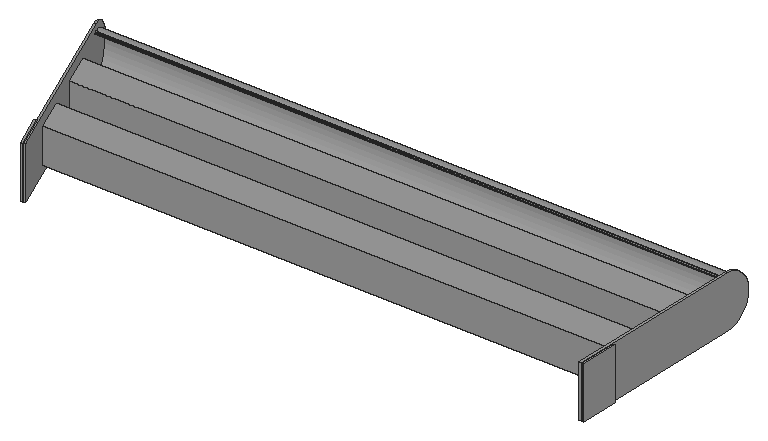
Revit family "SE-0004-SQU-2-0", category Curtain Panels, Revit 2015
Parameters (values of type "Right 112.5 - Left 90")
  Width [instance] = 5' - 4 1/2"
  Warning 2' = Label : Label
  Sun-Control Material = Aluminum
  Angle = SE-0004-SQU-2-0 : Right 112.5 - Left 90
  Analytic Construction = "<None>"
Types (25): name | Angle
  Right 90 - Left 112.5 | SE-0004-SQU-2-0 : Right 90 - Left 112.5
  Right 90 - Left 135 | SE-0004-SQU-2-0 : Right 90 - Left 135
  Right 112.5 - Left 90 | SE-0004-SQU-2-0 : Right 112.5 - Left 90
  Right 112.5 - Left 112.5 | SE-0004-SQU-2-0 : Right 112.5 - Left 112.5
  Right 112.5 - Left 135 | SE-0004-SQU-2-0 : Right 112.5 - Left 135
  Right 135 - Left 90 | SE-0004-SQU-2-0 : Right 135 - Left 90
  Right 135 - Left 112.5 | SE-0004-SQU-2-0 : Right 135 - Left 112.5
  Right 135 - Left 135 | SE-0004-SQU-2-0 : Right 135 - Left 135
  Right 45 - Left 45 | SE-0004-SQU-2-0 : Right 45 - Left 45
  Right 45 - Left 67.5 | SE-0004-SQU-2-0 : Right 45 - Left 67.5
  Right 45 - Left 90 | SE-0004-SQU-2-0 : Right 45 - Left 90
  Right 67.5 - Left 45 | SE-0004-SQU-2-0 : Right 67.5 - Left 45
  Right 67.5 - Left 67.5 | SE-0004-SQU-2-0 : Right 67.5 - Left 67.5
  Right 67.5 - Left 90 | SE-0004-SQU-2-0 : Right 67.5 - Left 90
  Right 90 - Left 45 | SE-0004-SQU-2-0 : Right 90 - Left 45
  Right 90 - Left 67.5 | SE-0004-SQU-2-0 : Right 90 - Left 67.5
  Right 45 - Left 112.5 | SE-0004-SQU-2-0 : Right 45 - Left 112.5
  Right 45 - Left 135 | SE-0004-SQU-2-0 : Right 45 - Left 135
  Right 67.5 - Left 112.5 | SE-0004-SQU-2-0 : Right 67.5 - Left 112.5
  Right 67.5 - Left 135 | SE-0004-SQU-2-0 : Right 67.5 - Left 135
  Right 112.5 - Left 45 | SE-0004-SQU-2-0 : Right 112.5 - Left 45
  Right 112.5 - Left 67.5 | SE-0004-SQU-2-0 : Right 112.5 - Left 67.5
  Right 135 - Left 45 | SE-0004-SQU-2-0 : Right 135 - Left 45
  Right 135 - Left 67.5 | SE-0004-SQU-2-0 : Right 135 - Left 67.5
  Right 90 - Left 90 | SE-0004-SQU-2-0 : Right 90 - Left 90
Reference planes (in)
  plane 1 "Front": y = 0
  plane 2: z = 0
  plane 3 "Center (Left/Right)": x = 0
  plane 4 "Left": x = -32.25
  plane 5 "Right": x = 32.25
  plane 6 "Top": z = 96
Text (in)
  text "Exterior" at (-54.29358, 31.38743, 0), in view "Ref. Level"
  text "Exterior" at (480, 41.53993, 89.60405), in view "Right"
  text "Exterior" at (-240, 57.82419, 105.78864), in view "Left"
Dimensions and locks (in)
  equal spacing: plane 4 "Left", plane 3 "Center (Left/Right)", plane 5 "Right"
  "Width": plane 4 "Left" to plane 5 "Right"
  aligned and locked: level to plane 2
  aligned and locked: plane 3 "Center (Left/Right)" to nested 1
  aligned and locked: plane 1 "Front" to nested 1
  aligned and locked: nested 1 to plane 6 "Top"
Nested families (in)
  nested 1: "SE-0004-SQU-2-0" at (18, 0, 93), Width <- "Width", type <- "Angle", Sun-Control Material <- "Sun-Control Material", type "Right 112.5 - Left 90"
    with Width 5' - 4 1/2", Sun-Control Material Aluminum, Minimum Width 5' - 4 1/2"
Definition of nested family "SE-0004-SQU-2-0"
  Parameters (values of type "Right 67.5 - Left 67.5")
    Left Short Depth = Left Depth - 0' 2 31/32"  # 1' - 11 15/256"
    Left Angle = 67.50°
    Minimum Width [instance] = if(and(Right Angle = 45.00°, Left Angle = 90.00°, Width < 2' 1"), 2' 1", if(and(Right Angle = 90.00°, Left Angle = 45.00°, Width < 2' 1"), 2' 1", if(and(Left Angle = 45.00°, Right Angle = 112.50°, Width < 1' 4"), 1' 4", if(and(Left Angle = 112.50°, Right Angle = 45.00°, Width < 1' 4"), 1' 4", if(and(Right Angle = 45.00°, Left Angle = 45.00°, Width < 4' 2"), 4' 2", if(and(Right Angle = 90.00°, Left Angle = 67.50°, Width < 0' 11"), 0' 11", if(and(Right Angle = 67.50°, Left Angle = 90.00°, Width < 0' 11"), 0' 11", if(and(Right Angle = 67.50°, Left Angle = 67.50°, Width < 1' 9"), 1' 9", if(and(Right Angle = 45.00°, Left Angle = 67.50°, Width < 2' 11"), 2' 11", if(and(Right Angle = 67.50°, Left Angle = 45.00°, Width < 2' 11"), 2' 11", Width))))))))))  # 3' - 0"
    Width [instance] = 3' - 0"
    Sun-Control Material [instance] = none
    Right Short Depth = Right Depth - 0' 2 31/32"  # 1' - 11 15/256"
    Right Depth = 2' - 2 7/256"
    Left Depth = 2' - 2 7/256"
    Right Angle = 67.50°
    Default Elevation = 4' - 0"
  Types (26): name | Left Short Depth | Left Angle | Minimum Width | Width | Right Short Depth | Right Depth | Left Depth | Right Angle
    (no name) | 1' - 11 15/256" | 67.50° | 3' - 0" | 3' - 0" | 1' - 11 15/256" | 2' - 2 7/256" | 2' - 2 7/256" | 67.50°
    Right 67.5 - Left 67.5 | 1' - 11 15/256" | 67.50° | 3' - 0" | 3' - 0" | 1' - 11 15/256" | 2' - 2 7/256" | 2' - 2 7/256" | 67.50°
    Right 112.5 - Left 112.5 | 1' - 10 109/128" | 112.50° | 5' - 0" | 5' - 0" | 1' - 10 109/128" | 2' - 1 105/128" | 2' - 1 105/128" | 112.50°
    Right 45 - Left 45 | 2' - 7 25/256" | 45.00° | 4' - 2" | 3' - 3" | 2' - 7 25/256" | 2' - 10 17/256" | 2' - 10 17/256" | 45.00°
    Right 135 - Left 135 | 2' - 6 153/256" | 135.00° | 6' - 0" | 6' - 0" | 2' - 6 153/256" | 2' - 9 145/256" | 2' - 9 145/256" | 135.00°
    Right 90 - Left 90 | 1' - 9 1/32" | 90.00° | 6' - 0" | 6' - 0" | 1' - 9 1/32" | 2' - 0" | 2' - 0" | 90.00°
    Right 112.5 - Left 45 | 2' - 7 25/256" | 45.00° | 1' - 4" | 1' - 0" | 1' - 10 109/128" | 2' - 1 105/128" | 2' - 10 17/256" | 112.50°
    Right 112.5 - Left 67.5 | 1' - 11 15/256" | 67.50° | 6' - 0" | 6' - 0" | 1' - 10 109/128" | 2' - 1 105/128" | 2' - 2 7/256" | 112.50°
    Right 112.5 - Left 90 | 1' - 9 1/32" | 90.00° | 6' - 0" | 6' - 0" | 1' - 10 109/128" | 2' - 1 105/128" | 2' - 0" | 112.50°
    Right 112.5 - Left 135 | 2' - 6 153/256" | 135.00° | 6' - 0" | 6' - 0" | 1' - 10 109/128" | 2' - 1 105/128" | 2' - 9 145/256" | 112.50°
    Right 135 - Left 45 | 2' - 7 25/256" | 45.00° | 6' - 0" | 6' - 0" | 2' - 6 153/256" | 2' - 9 145/256" | 2' - 10 17/256" | 135.00°
    Right 135 - Left 67.5 | 1' - 11 15/256" | 67.50° | 6' - 0" | 6' - 0" | 2' - 6 153/256" | 2' - 9 145/256" | 2' - 2 7/256" | 135.00°
    Right 135 - Left 90 | 1' - 9 1/32" | 90.00° | 6' - 0" | 6' - 0" | 2' - 6 153/256" | 2' - 9 145/256" | 2' - 0" | 135.00°
    Right 135 - Left 112.5 | 1' - 10 109/128" | 112.50° | 6' - 0" | 6' - 0" | 2' - 6 153/256" | 2' - 9 145/256" | 2' - 1 105/128" | 135.00°
    Right 90 - Left 45 | 2' - 7 25/256" | 45.00° | 2' - 1" | 1' - 0" | 1' - 9 1/32" | 2' - 0" | 2' - 10 17/256" | 90.00°
    Right 90 - Left 67.5 | 1' - 11 15/256" | 67.50° | 0' - 11" | 0' - 5" | 1' - 9 1/32" | 2' - 0" | 2' - 2 7/256" | 90.00°
    Right 90 - Left 112.5 | 1' - 10 109/128" | 112.50° | 6' - 0" | 6' - 0" | 1' - 9 1/32" | 2' - 0" | 2' - 1 105/128" | 90.00°
    Right 90 - Left 135 | 2' - 6 153/256" | 135.00° | 6' - 0" | 6' - 0" | 1' - 9 1/32" | 2' - 0" | 2' - 9 145/256" | 90.00°
    Right 67.5 - Left 45 | 2' - 7 25/256" | 45.00° | 2' - 11" | 1' - 0" | 1' - 11 15/256" | 2' - 2 7/256" | 2' - 10 17/256" | 67.50°
    Right 67.5 - Left 90 | 1' - 9 1/32" | 90.00° | 0' - 11" | 0' - 5" | 1' - 11 15/256" | 2' - 2 7/256" | 2' - 0" | 67.50°
    Right 67.5 - Left 112.5 | 1' - 10 109/128" | 112.50° | 6' - 0" | 6' - 0" | 1' - 11 15/256" | 2' - 2 7/256" | 2' - 1 105/128" | 67.50°
    Right 67.5 - Left 135 | 2' - 6 153/256" | 135.00° | 6' - 0" | 6' - 0" | 1' - 11 15/256" | 2' - 2 7/256" | 2' - 9 145/256" | 67.50°
    Right 45 - Left 67.5 | 1' - 11 15/256" | 67.50° | 2' - 11" | 1' - 0" | 2' - 7 25/256" | 2' - 10 17/256" | 2' - 2 7/256" | 45.00°
    Right 45 - Left 90 | 1' - 9 1/32" | 90.00° | 2' - 1" | 1' - 0" | 2' - 7 25/256" | 2' - 10 17/256" | 2' - 0" | 45.00°
    Right 45 - Left 112.5 | 1' - 10 109/128" | 112.50° | 3' - 3" | 3' - 3" | 2' - 7 25/256" | 2' - 10 17/256" | 2' - 1 105/128" | 45.00°
    Right 45 - Left 135 | 2' - 6 153/256" | 135.00° | 3' - 3" | 3' - 3" | 2' - 7 25/256" | 2' - 10 17/256" | 2' - 9 145/256" | 45.00°
  Reference planes (in)
    plane 1 "Center (Front/Back)": y = 0
    plane 2: z = 0
    plane 3: y = 21
    plane 4: y = 24
    plane 5: y = 15
    plane 6: y = 7
    plane 7: z = 2.5
    plane 8: z = -2.5
    plane 9: y = 23.5
    plane 10 "a": x = 0
    plane 11: x = -36
    plane 12: x = -18
    plane 13: z = 3
  Forms (in)
    Sweep 1, solid, material <- "Sun-Control Material"
      path origin (0, 0, 0) x (1, 0, 0) y (0, 1, 0)
        loop
          line (-29.30152, 21) -> (-6.69848, 21)
      profile origin (-18, 21, 0) x (0, 1, 0) y (0, 0, 1)
        loop
          arc (-0.13264, 2.49648) -> (2.5, 0) -> (-0.13264, -2.49648) r 2.5
          arc (-0.13264, -2.49648) -> (-0.15349, -2.48685) -> (-0.162, -2.46552) r 0.031
          line (-0.162, -2.46552) -> (-0.162, -2.312)
          arc (-0.162, -2.312) -> (0.02999, -2.1528) -> (0.15089, -2.37095) r 0.162
          arc (0.15089, -2.37095) -> (0.15485, -2.40066) -> (0.1821, -2.41314) r 0.031
          arc (0.1821, -2.41314) -> (2.42, 0) -> (0.1821, 2.41314) r 2.42
          arc (0.1821, 2.41314) -> (0.15485, 2.40066) -> (0.15089, 2.37095) r 0.031
          arc (0.15089, 2.37095) -> (0.02999, 2.1528) -> (-0.162, 2.312) r 0.162
          line (-0.162, 2.312) -> (-0.162, 2.46552)
          arc (-0.162, 2.46552) -> (-0.15349, 2.48685) -> (-0.13264, 2.49648) r 0.031
    Sweep 2, solid, material <- "Sun-Control Material"
      path origin (0, 0, 0) x (1, 0, 0) y (0, 1, 0)
        loop
          line (-31.7868, 15) -> (-4.2132, 15)
      profile origin (-18, 15, 0) x (0, 1, 0) y (0, 0, 1)
        loop
          line (2, 2) -> (-2, 2) -> (-2, -2) -> (2, -2) -> (2, 2)
    Sweep 3, solid, material <- "Sun-Control Material"
      path origin (0, 0, 0) x (1, 0, 0) y (0, 1, 0)
        loop
          line (-35.10051, 7) -> (-0.89949, 7)
      profile origin (-18, 7, 0) x (0, 1, 0) y (0, 0, 1)
        loop
          line (2, 2) -> (-2, 2) -> (-2, -2) -> (2, -2) -> (2, 2)
    Extrusion 4, void
      sketch origin (-36, 0, 0) x (-0.382683, -0.92388, 0) y (0, 0, 1)
        loop
          line (0.24272, 3.30555) -> (-38.84738, 3.30555) -> (-38.84738, -4.19445) -> (0.24272, -4.19445) -> (0.24272, 3.30555)
      from -0.375 to 33.46672
    Extrusion 5, void
      sketch origin (-13.87227, 33.49063, 0) x (-0.382683, 0.92388, 0) y (0, 0, 1)
        loop
          line (-41.33831, 3.30555) -> (-41.33831, -4.19445) -> (9.0901, -4.19445) -> (9.0901, 3.30555) -> (-41.33831, 3.30555)
      from -0.375 to 33.46672
  Cuts and joins
    Extrusion 4, Extrusion 5 cuts Sweep 3
    Extrusion 4, Extrusion 5 cuts Sweep 2
    Extrusion 4, Extrusion 5 cuts Sweep 1
  Lines and regions (in)
    reference lines
      curve 1: line (-36, 0, 0) -> (-21.07535, 36.0313, 0)
      curve 2: line (-23.45803, 35.10742, 0) -> (-38, 0, 0)
      curve 3: line (-13.87227, 33.49063, 0) -> (0, 0, 0)
      curve 4: line (-11.7766, 33.25966, 0) -> (2, 0, 0)
      curve 5: line (-8.69848, 21, 0) -> (-8.69848, 23.09533, 0)
      curve 6: line (-6.2132, 15, 0) -> (-6.2132, 17.09533, 0)
      curve 7: line (-2.89949, 7, 0) -> (-2.89949, 9.09533, 0)
      curve 8: line (-33.10051, 7, 0) -> (-33.10051, 9.09533, 0)
      curve 9: line (-29.7868, 15, 0) -> (-29.7868, 17.09533, 0)
      curve 10: line (-27.30152, 21, 0) -> (-27.30152, 23.09533, 0)
  Dimensions and locks (in)
    locked: plane 4 to plane 3 at 3
    locked: plane 3 to plane 5 at 6
    equal spacing: plane 7, plane 2, plane 8
    plane 4 to plane 1 "Center (Front/Back)" = 2' - 0"
    "Minimum Width": plane 11 to plane 10 "a"
    locked: nested 1 to plane 1 "Center (Front/Back)" at 0
    locked: nested 1 to plane 11 at 0
    locked: curve 1 to plane 11
    locked: plane 1 "Center (Front/Back)" to curve 1 at 0
    locked: curve 2 to plane 11 at 2
    locked: plane 1 "Center (Front/Back)" to curve 2 at 0
    locked: nested 2 to plane 1 "Center (Front/Back)" at 0
    locked: nested 2 to plane 10 "a" at 0
    locked: plane 1 "Center (Front/Back)" to curve 3 at 0
    locked: plane 1 "Center (Front/Back)" to curve 4
    locked: plane 10 "a" to curve 4 at 2
    locked: curve 3 to plane 10 "a"
    equal spacing: plane 11, plane 12, plane 10 "a"
    plane 4 to plane 3 to plane 5 to plane 6 = 0' - 3", 0' - 6", 0' - 8"
    "Right Angle": angle plane 1 "Center (Front/Back)" to nested 1
    "Right Angle": angle plane 1 "Center (Front/Back)" to curve 1
    "Right Angle": angle plane 1 "Center (Front/Back)" to curve 2
    "Left Angle": angle curve 4 to plane 1 "Center (Front/Back)"
    "Left Angle": angle nested 2 to plane 1 "Center (Front/Back)"
    "Left Angle": angle curve 3 to plane 1 "Center (Front/Back)"
    aligned and locked: level to plane 2
    aligned and locked: Sweep 2 sketch curve to plane 5
    aligned and locked: Sweep 3 sketch curve to plane 6
    aligned and locked: curve 2 to Sweep 3 sketch curve
    aligned and locked: curve 2 to Sweep 2 sketch curve
    aligned and locked: curve 4 to Sweep 2 sketch curve
    aligned and locked: curve 4 to Sweep 3 sketch curve
    aligned and locked: nested 3 to curve 10
    aligned and locked: nested 3 to curve 5
    aligned and locked: nested 4 to curve 9
    aligned and locked: nested 4 to curve 6
    aligned and locked: nested 5 to curve 8
    aligned and locked: nested 5 to curve 7
    aligned and locked: plane 2 to nested 5
    aligned and locked: plane 2 to nested 4
    aligned and locked: plane 2 to nested 3
    aligned and locked: nested 3 to plane 3
    aligned and locked: nested 4 to plane 5
    aligned and locked: nested 5 to plane 6
    aligned and locked: Sweep 1 sketch curve to plane 3
    aligned and locked: curve 2 to Sweep 1 sketch curve
    aligned and locked: curve 4 to Sweep 1 sketch curve
  Automatic sketch dimensions
    Sweep 1 sketch curve to Sweep 1 sketch curve = 0' - 0"  (x7)
    Sweep 1 sketch curve to level = 0' - 0"
    profile plane to Sweep 1 sketch curve = 0' - 0.162"  (x2)
    Sweep 1 sketch curve to Sweep 1 sketch curve = 0' - 0.031"  (x2)
    Sweep 1 sketch curve to Sweep 1 sketch curve = 0' - 0.162"  (x2)
    Sweep 1 sketch curve to Sweep 1 sketch curve = 0' - 0.17977"  (x2)
    Sweep 1 sketch curve to level = 0' - 2.312"
    Sweep 1 sketch curve to Sweep 1 sketch curve = 0' - 0.07023"  (x2)
    Sweep 1 sketch curve to Sweep 1 sketch curve = 0' - 0.15352"  (x2)
    Sweep 1 sketch curve to Sweep 1 sketch curve = 0' - 2.312"
    curve 1 to Extrusion 4 sketch curve = 0' - 0.15262"
    curve 1 to Extrusion 4 sketch curve = 0' - 0.24272"
    Extrusion 4 sketch curve to curve 1 = 0' - 4.19445"
    curve 1 to Extrusion 4 sketch curve = 0' - 3.30555"
    Extrusion 5 sketch curve to curve 3 = 0' - 5.08831"
    Extrusion 5 sketch curve to curve 3 = 0' - 4.19445"
    curve 3 to Extrusion 5 sketch curve = 0' - 9.0901"
    curve 3 to Extrusion 5 sketch curve = 0' - 3.30555"
    profile plane to Sweep 2 sketch curve = 0' - 2"
    Sweep 2 sketch curve to profile plane = 0' - 2"
    Sweep 2 sketch curve to level = 0' - 2"
    level to Sweep 2 sketch curve = 0' - 2"
    profile plane to Sweep 3 sketch curve = 0' - 2"
    Sweep 3 sketch curve to profile plane = 0' - 2"
    Sweep 3 sketch curve to level = 0' - 2"
    level to Sweep 3 sketch curve = 0' - 2"
    curve 8 to plane 6 = 0' - 0"
    curve 9 to plane 5 = 0' - 0"
    curve 10 to plane 3 = 0' - 0"
    curve 5 to plane 3 = 0' - 0"
    curve 6 to plane 5 = 0' - 0"
    curve 7 to plane 6 = 0' - 0"
    curve 7 to curve 7 = 0' - 2.09533"
    plane 6 to curve 8 = 0' - 2.09533"
    curve 6 to curve 6 = 0' - 2.09533"
    plane 5 to curve 9 = 0' - 2.09533"
    curve 5 to plane 9 = 0' - 0.40467"
    curve 10 to plane 9 = 0' - 0.40467"
  Nested families (in)
    nested 1: "Plate_right" at (-36, 0, 0) x (0.9239, -0.3827, 0) z (0, 0, 1), Length <- "Right Short Depth", type "Plate_right"
      with Length 1' - 11 15/256"
    nested 2: "Plate_left" at (0, 0, 0) x (-0.9239, -0.3827, 0) z (0, 0, 1), Length <- "Left Short Depth", type "Plate_left"
      with Length 1' - 11 15/256"
    nested 3: "SS-106-3D" at (-27.30152, 21, 0), type "SS-106-3D", detail levels fine
      with Lenght 1' - 6.60303"
    nested 4: "SS-102-3D" at (-29.7868, 15, 0), type "SS-102-3D", detail levels fine
      with Lenght 1' - 11.57359"
    nested 5: "SS-102-3D" at (-33.10051, 7, 0), type "SS-102-3D", detail levels fine
      with Lenght 2' - 6.20101"
  Definition of nested family "Plate_right"
    Parameters (values of type "Plate_left")
      Sun-Control Material = none
      Length [instance] = 2' - 0"
    Reference planes (in)
      plane 1 "Center (Front/Back)": y = 0
      plane 2: z = 0
      plane 3 "Center (Left/Right)": x = 0
    Forms (in)
      Sweep 1, solid, material <- "Sun-Control Material"
        path origin (24.49846, 19.13417, 0) x (-1, 0, 0) y (0, 1, 0)
          loop
            line (24.37346, -19.13417) -> (24.62346, -19.13417)
        profile origin (0, 0, 0) x (0, -1, 0) y (0, 0, 1)
          loop
            line (0, 3) -> (-4.5, 3) -> (-4.5, -3) -> (0, -3) -> (0, 0) -> (0, 3)
      Sweep 2, solid, material <- "Sun-Control Material"
        path origin (13.88949, 16.0727, 0) x (0.92388, -0.382683, 0) y (0.382683, 0.92388, 0)
          loop
            line (-6.33501, -20.02102) -> (-6.56598, -20.11669)
        profile origin (0.25, 0, 0) x (0, -1, 0) y (0, 0, 1)
          loop
            line (0, -3) -> (0, 3) -> (-24, 3)
            arc (-24, 3) -> (-26.09922, 2.13047) -> (-26.96875, 0.03125) r 2.96875
            line (-26.96875, 0.03125) -> (-26.96875, 0) -> (-26.96875, -0.03125)
            arc (-26.96875, -0.03125) -> (-26.09922, -2.13047) -> (-24, -3) r 2.96875
            line (-24, -3) -> (0, -3)
    Lines and regions (in)
      model lines, not visible
        curve 1: line (0, 0, 0) -> (0, 1.75, 0)
    Dimensions and locks (in)
      locked: Sweep 2 to Sweep 2 at 0.25
      "Length": Sweep 2 sketch curve to plane 1 "Center (Front/Back)"
      aligned and locked: plane 2 to level
      aligned and locked: Sweep 2 to Sweep 1
    Automatic sketch dimensions
      plane 1 "Center (Front/Back)" to Sweep 1 sketch curve = 0' - 0"
      Sweep 1 sketch curve to plane 3 "Center (Left/Right)" = 0' - 0 1/8"
      plane 3 "Center (Left/Right)" to Sweep 1 sketch curve = 0' - 0 1/8"
      Sweep 1 sketch curve to profile plane = 0' - 0"  (x2)
      profile plane to Sweep 1 sketch curve = 0' - 4 1/2"
      Sweep 1 sketch curve to profile plane = 0' - 3"
      profile plane to Sweep 1 sketch curve = 0' - 3"
      plane 1 "Center (Front/Back)" to Sweep 2 sketch curve = 0' - 0"  (x2)
      plane 3 "Center (Left/Right)" to Sweep 2 sketch curve = 0' - 0 1/8"
      Sweep 2 sketch curve to Sweep 2 sketch curve = 0' - 0.23097"
      curve 1 to plane 3 "Center (Left/Right)" = 0' - 0"
      plane 1 "Center (Front/Back)" to curve 1 = 0' - 0"
      curve 1 to curve 1 = 0' - 1 3/4"
      Sweep 2 sketch curve to profile plane = 0' - 0"  (x2)
      Sweep 2 sketch curve to Sweep 2 sketch curve = 0' - 2 31/32"
      Sweep 2 sketch curve to profile plane = 0' - 0 1/32"
      Sweep 2 sketch curve to Sweep 2 sketch curve = 0' - 0"
      profile plane to Sweep 2 sketch curve = 0' - 0 1/32"
  Definition of nested family "Plate_left"
    Parameters (values of type "Plate_right")
      Sun-Control Material = none
      Length [instance] = 2' - 2 31/32"
    Reference planes (in)
      plane 1 "Center (Front/Back)": y = 0
      plane 2: z = 0
      plane 3 "Center (Left/Right)": x = 0
    Forms (in)
      Sweep 1, solid, material <- "Sun-Control Material"
        path origin (24.49846, 19.13417, 0) x (-1, 0, 0) y (0, 1, 0)
          loop
            line (24.37346, -19.13417) -> (24.62346, -19.13417)
        profile origin (0, 0, 0) x (0, -1, 0) y (0, 0, 1)
          loop
            line (0, 3) -> (-4.5, 3) -> (-4.5, -3) -> (0, -3) -> (0, 0) -> (0, 3)
      Sweep 2, solid, material <- "Sun-Control Material"
        path origin (13.88949, 16.0727, 0) x (0.92388, -0.382683, 0) y (0.382683, 0.92388, 0)
          loop
            line (-6.33501, -20.02102) -> (-6.56598, -20.11669)
        profile origin (0.25, 0, 0) x (0, -1, 0) y (0, 0, 1)
          loop
            line (0, -3) -> (0, 3) -> (-26.96875, 3)
            arc (-26.96875, 3) -> (-29.06797, 2.13047) -> (-29.9375, 0.03125) r 2.96875
            line (-29.9375, 0.03125) -> (-29.9375, 0) -> (-29.9375, -0.03125)
            arc (-29.9375, -0.03125) -> (-29.06797, -2.13047) -> (-26.96875, -3) r 2.96875
            line (-26.96875, -3) -> (0, -3)
    Lines and regions (in)
      model lines, not visible
        curve 1: line (0, 0, 0) -> (0, 3, 0)
    Dimensions and locks (in)
      locked: Sweep 2 to Sweep 2 at 0.25
      "Length": Sweep 2 sketch curve to plane 1 "Center (Front/Back)"
      aligned and locked: plane 2 to level
      aligned and locked: Sweep 2 to Sweep 1
    Automatic sketch dimensions
      curve 1 to plane 3 "Center (Left/Right)" = 0' - 0"
      plane 1 "Center (Front/Back)" to curve 1 = 0' - 0"
      curve 1 to curve 1 = 0' - 3"
      plane 1 "Center (Front/Back)" to Sweep 1 sketch curve = 0' - 0"
      Sweep 1 sketch curve to plane 3 "Center (Left/Right)" = 0' - 0 1/8"
      plane 3 "Center (Left/Right)" to Sweep 1 sketch curve = 0' - 0 1/8"
      Sweep 1 sketch curve to profile plane = 0' - 0"  (x2)
      profile plane to Sweep 1 sketch curve = 0' - 4 1/2"
      Sweep 1 sketch curve to profile plane = 0' - 3"
      profile plane to Sweep 1 sketch curve = 0' - 3"
      plane 1 "Center (Front/Back)" to Sweep 2 sketch curve = 0' - 0"  (x2)
      plane 3 "Center (Left/Right)" to Sweep 2 sketch curve = 0' - 0 1/8"
      Sweep 2 sketch curve to Sweep 2 sketch curve = 0' - 0.23097"
      Sweep 2 sketch curve to profile plane = 0' - 0"  (x2)
      Sweep 2 sketch curve to Sweep 2 sketch curve = 0' - 2 31/32"
      Sweep 2 sketch curve to profile plane = 0' - 0 1/32"
      Sweep 2 sketch curve to Sweep 2 sketch curve = 0' - 0"
      profile plane to Sweep 2 sketch curve = 0' - 0 1/32"
  Definition of nested family "SS-106-3D"
    Parameters (values of type "SS-106-3D")
      Lenght [instance] = 1' - 6"
    Reference planes (in)
      plane 1 "Center (Front/Back)": y = 0
      plane 2: z = 0
      plane 3 "Center (Left/Right)": x = 0
      plane 4: x = 18
    Lines and regions (in)
      model lines, not visible
        curve 1: line (0, 0, 0) -> (18, 0, 0)
    Dimensions and locks (in)
      "Lenght": plane 3 "Center (Left/Right)" to plane 4
      aligned and locked: plane 2 to level
      aligned and locked: plane 3 "Center (Left/Right)" to curve 1
      aligned and locked: plane 1 "Center (Front/Back)" to curve 1
      aligned and locked: plane 4 to curve 1
      aligned and locked: plane 1 "Center (Front/Back)" to nested 1
      aligned and locked: plane 2 to nested 1
    Nested families (in)
      nested 1: "SS-106_Shade_Element-2D" at (0, 0, 0) x (0, -1, 0) z (1, 0, 0), type "SS-106_Shade_Element-2D", detail levels fine
    Definition of nested family "SS-106_Shade_Element-2D"
      Reference planes (in)
        plane 1 "Center (Front/Back)": y = 0
        plane 2: z = 0
        plane 3 "Center (Left/Right)": x = 0
  Definition of nested family "SS-102-3D"
    Parameters (values of type "SS-102-3D")
      Lenght [instance] = 1' - 6"
    Reference planes (in)
      plane 1 "Center (Front/Back)": y = 0
      plane 2: z = 0
      plane 3 "Center (Left/Right)": x = 0
      plane 4: x = 18
    Lines and regions (in)
      model lines, not visible
        curve 1: line (0, 0, 0) -> (18, 0, 0)
    Dimensions and locks (in)
      "Lenght": plane 3 "Center (Left/Right)" to plane 4
      aligned and locked: plane 2 to level
      aligned and locked: plane 3 "Center (Left/Right)" to curve 1
      aligned and locked: plane 1 "Center (Front/Back)" to curve 1
      aligned and locked: plane 4 to curve 1
      aligned and locked: plane 1 "Center (Front/Back)" to nested 1
      aligned and locked: nested 1 to plane 2
    Nested families (in)
      nested 1: "SS-102-2D" at (0, 0, 0) x (0, 1, 0) z (1, 0, 0), type "SS-106_Shade_Element-2D", detail levels fine
    Definition of nested family "SS-102-2D"
      Reference planes (in)
        plane 1 "Center (Front/Back)": y = 0
        plane 2: z = 0
        plane 3 "Center (Left/Right)": x = 0
